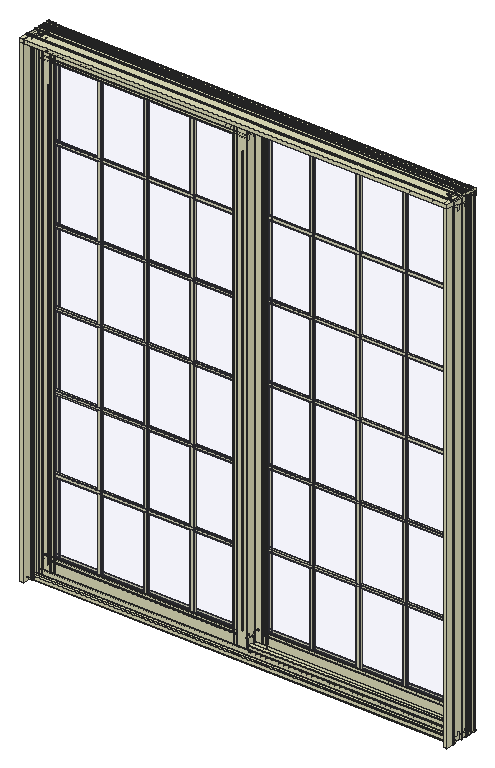
Revit family (continued)
Forms (in)
  Sweep 16, solid, material "Pella-Exterior Clad-Tan" <- "Exterior Finish"
    profile origin (-34.5, 2.95276, 40.75) x (-1, 0, 0) y (0, -1, 0)
      loop
        arc (-1.55158, 2.43853) -> (-1.53113, 2.40565) -> (-1.52399, 2.36759) r 0.105
        line (-1.52399, 2.36759) -> (-1.52399, 2.33522)
        arc (-1.52399, 2.33522) -> (-1.51081, 2.3034) -> (-1.47899, 2.29022) r 0.045
        line (-1.47899, 2.29022) -> (-0.03608, 2.29022)
        arc (-0.03608, 2.29022) -> (-0.00426, 2.3034) -> (0.00892, 2.33522) r 0.045
        line (0.00892, 2.33522) -> (0.00892, 3.39597)
        arc (0.00892, 3.39597) -> (-0.00426, 3.42779) -> (-0.03608, 3.44097) r 0.045
        line (-0.03608, 3.44097) -> (-1.75899, 3.44097)
        arc (-1.75899, 3.44097) -> (-1.79081, 3.42779) -> (-1.80399, 3.39597) r 0.045
        line (-1.80399, 3.39597) -> (-1.80399, 2.52954)
        arc (-1.80399, 2.52954) -> (-1.79217, 2.49914) -> (-1.76291, 2.48471) r 0.045
        line (-1.76291, 2.48471) -> (-1.61984, 2.47219)
        arc (-1.61984, 2.47219) -> (-1.58255, 2.46176) -> (-1.55158, 2.43853) r 0.105
  Sweep 17, solid, material "Pella-Exterior Clad-Tan" <- "Exterior Finish"
    path origin (0, 2.95276, 0) x (1, 0, 0) y (0, 0, 1)
      loop
        line (-34.5, 78.37601) -> (-34.5, 3.09358)
    profile origin (-34.5, 2.95276, 40.7348) x (0, -1, 0) y (1, 0, 0)
      loop
        arc (2.30574, 1.82012) -> (2.32999, 1.79258) -> (2.30876, 1.76264) r 0.02957
        line (2.30876, 1.76264) -> (2.37423, 1.62224)
        arc (2.37423, 1.62224) -> (2.40557, 1.60915) -> (2.42151, 1.63914) r 0.02522
        line (2.42151, 1.63914) -> (2.3693, 1.75108)
        arc (2.3693, 1.75108) -> (2.36836, 1.83256) -> (2.29626, 1.87053) r 0.07961
        line (2.29626, 1.87053) -> (2.29626, 2.37194)
        arc (2.29626, 2.37194) -> (2.31053, 2.39221) -> (2.31418, 2.41673) r 0.05376
        arc (2.31418, 2.41673) -> (2.30836, 2.4308) -> (2.29429, 2.43662) r 0.01989
        arc (2.29429, 2.43662) -> (2.26347, 2.43215) -> (2.24631, 2.40617) r 0.03806
        line (2.24631, 2.40617) -> (2.24631, 1.88933)
        arc (2.24631, 1.88933) -> (2.2632, 1.84372) -> (2.30574, 1.82012) r 0.07001
  Sweep 18, solid, material "Pella-Exterior Clad-Tan" <- "Exterior Finish"
    path origin (0, 2.95276, 0) x (1, 0, 0) y (0, 0, 1)
      loop
        line (-1.53396, 3.09358) -> (-1.53396, 78.37601)
    profile origin (-1.53396, 2.95276, 40.7348) x (-1, 0, 0) y (0, -1, 0)
      loop
        arc (-0.05387, 2.30574) -> (-0.03027, 2.2632) -> (0.01534, 2.24631) r 0.07001
        line (0.01534, 2.24631) -> (0.53218, 2.24631)
        arc (0.53218, 2.24631) -> (0.55816, 2.26347) -> (0.56263, 2.29429) r 0.03806
        arc (0.56263, 2.29429) -> (0.55681, 2.30836) -> (0.54274, 2.31418) r 0.01989
        arc (0.54274, 2.31418) -> (0.51822, 2.31053) -> (0.49794, 2.29626) r 0.05376
        line (0.49794, 2.29626) -> (-0.00346, 2.29626)
        arc (-0.00346, 2.29626) -> (-0.04143, 2.36836) -> (-0.12291, 2.3693) r 0.07961
        line (-0.12291, 2.3693) -> (-0.23485, 2.42151)
        arc (-0.23485, 2.42151) -> (-0.26484, 2.40557) -> (-0.25175, 2.37423) r 0.02522
        line (-0.25175, 2.37423) -> (-0.11135, 2.30876)
        arc (-0.11135, 2.30876) -> (-0.08141, 2.32999) -> (-0.05387, 2.30574) r 0.02957
  Sweep 19, solid, material "Pella-Exterior Clad-Tan" <- "Exterior Finish"
    path origin (0, 2.95276, 0) x (1, 0, 0) y (0, 0, 1)
      loop
        line (0, 1.25) -> (0, 80.25)
    profile origin (0, 2.95276, 40.75) x (-1, 0, 0) y (0, -1, 0)
      loop
        arc (1.55596, 3.46361) -> (1.50779, 3.48769) -> (1.45458, 3.49597) r 0.175
        line (1.45458, 3.49597) -> (-0.30792, 3.49597)
        arc (-0.30792, 3.49597) -> (-0.37611, 3.46532) -> (-0.40404, 3.39597) r 0.10008
        line (-0.40404, 3.39597) -> (-0.40404, 1.93099)
        arc (-0.40404, 1.93099) -> (-0.39818, 1.91685) -> (-0.38404, 1.91099) r 0.02
        line (-0.38404, 1.91099) -> (-0.34404, 1.91099)
        arc (-0.34404, 1.91099) -> (-0.32989, 1.91685) -> (-0.32404, 1.93099) r 0.02
        line (-0.32404, 1.93099) -> (-0.32404, 2.18999)
        arc (-0.32404, 2.18999) -> (-0.26954, 2.24449) -> (-0.21504, 2.18999) r 0.0545
        line (-0.21504, 2.18999) -> (-0.21504, 1.97299)
        arc (-0.21504, 1.97299) -> (-0.19688, 1.92915) -> (-0.15304, 1.91099) r 0.062
        line (-0.15304, 1.91099) -> (0.25096, 1.91099)
        arc (0.25096, 1.91099) -> (0.26511, 1.91685) -> (0.27096, 1.93099) r 0.02
        line (0.27096, 1.93099) -> (0.27096, 1.97099)
        arc (0.27096, 1.97099) -> (0.26511, 1.98513) -> (0.25096, 1.99099) r 0.02
        line (0.25096, 1.99099) -> (-0.07304, 1.99099)
        arc (-0.07304, 1.99099) -> (-0.11688, 2.00915) -> (-0.13504, 2.05299) r 0.062
        line (-0.13504, 2.05299) -> (-0.13504, 2.17299)
        arc (-0.13504, 2.17299) -> (-0.11688, 2.21683) -> (-0.07304, 2.23499) r 0.062
        line (-0.07304, 2.23499) -> (1.43437, 2.23499)
        arc (1.43437, 2.23499) -> (1.46646, 2.24828) -> (1.47976, 2.28038) r 0.04539
        arc (1.47976, 2.28038) -> (1.46119, 2.31044) -> (1.42598, 2.30742) r 0.03372
        line (1.42598, 2.30742) -> (1.27304, 2.33023)
        arc (1.27304, 2.33023) -> (1.23882, 2.37331) -> (1.27304, 2.41639) r 0.04423
        line (1.27304, 2.41639) -> (1.47006, 2.43363)
        arc (1.47006, 2.43363) -> (1.51557, 2.45607) -> (1.53396, 2.50336) r 0.07
        line (1.53396, 2.50336) -> (1.53396, 3.33197)
        arc (1.53396, 3.33197) -> (1.54714, 3.36379) -> (1.57896, 3.37697) r 0.045
        line (1.57896, 3.37697) -> (2.00507, 3.37697)
        arc (2.00507, 3.37697) -> (2.02055, 3.37056) -> (2.02696, 3.35509) r 0.02189
        arc (2.02696, 3.35509) -> (2.03281, 3.34094) -> (2.04696, 3.33509) r 0.02
        line (2.04696, 3.33509) -> (2.08042, 3.33509)
        arc (2.08042, 3.33509) -> (2.09258, 3.34901) -> (2.09696, 3.36697) r 0.03901
        arc (2.09696, 3.36697) -> (2.07353, 3.42354) -> (2.01696, 3.44697) r 0.08
        line (2.01696, 3.44697) -> (1.6081, 3.44697)
        arc (1.6081, 3.44697) -> (1.58073, 3.45123) -> (1.55596, 3.46361) r 0.09
      loop
        arc (1.21154, 2.43853) -> (1.24252, 2.46176) -> (1.27981, 2.47219) r 0.105
        line (1.27981, 2.47219) -> (1.42288, 2.48471)
        arc (1.42288, 2.48471) -> (1.45213, 2.49914) -> (1.46396, 2.52954) r 0.045
        line (1.46396, 2.52954) -> (1.46396, 3.39597)
        arc (1.46396, 3.39597) -> (1.45078, 3.42779) -> (1.41896, 3.44097) r 0.045
        line (1.41896, 3.44097) -> (-0.30395, 3.44097)
        arc (-0.30395, 3.44097) -> (-0.33577, 3.42779) -> (-0.34895, 3.39597) r 0.045
        line (-0.34895, 3.39597) -> (-0.34895, 2.33522)
        arc (-0.34895, 2.33522) -> (-0.33577, 2.3034) -> (-0.30395, 2.29022) r 0.045
        line (-0.30395, 2.29022) -> (1.13896, 2.29022)
        arc (1.13896, 2.29022) -> (1.17078, 2.3034) -> (1.18396, 2.33522) r 0.045
        line (1.18396, 2.33522) -> (1.18396, 2.36759)
        arc (1.18396, 2.36759) -> (1.1911, 2.40565) -> (1.21154, 2.43853) r 0.105
  Sweep 20, solid, material "Pella-Exterior Clad-Tan" <- "Exterior Finish"
    path origin (0, 2.95276, 0) x (1, 0, 0) y (0, 0, 1)
      loop
        line (1.53396, 78.37601) -> (1.53396, 3.09358)
    profile origin (1.53396, 2.95276, 40.7348) x (0, -1, 0) y (1, 0, 0)
      loop
        arc (0.54962, -0.05387) -> (0.57388, -0.08141) -> (0.55265, -0.11135) r 0.02957
        line (0.55265, -0.11135) -> (0.61811, -0.25175)
        arc (0.61811, -0.25175) -> (0.64946, -0.26484) -> (0.6654, -0.23485) r 0.02522
        line (0.6654, -0.23485) -> (0.61319, -0.12291)
        arc (0.61319, -0.12291) -> (0.61224, -0.04143) -> (0.54015, -0.00346) r 0.07961
        line (0.54015, -0.00346) -> (0.54015, 0.49794)
        arc (0.54015, 0.49794) -> (0.55441, 0.51822) -> (0.55807, 0.54274) r 0.05376
        arc (0.55807, 0.54274) -> (0.55224, 0.55681) -> (0.53818, 0.56263) r 0.01989
        arc (0.53818, 0.56263) -> (0.50736, 0.55816) -> (0.49019, 0.53218) r 0.03806
        line (0.49019, 0.53218) -> (0.49019, 0.01534)
        arc (0.49019, 0.01534) -> (0.50709, -0.03027) -> (0.54962, -0.05387) r 0.07001
  Extrusion 21, solid, material "Pella-Argon Filled, Low-E Insulating Glass" <- "Glazing Type"
    sketch origin (0, 0.63857, 0) x (-1, 0, 0) y (0, 0, 1)
      loop
        line (1.6127, 3.17232) -> (32.54727, 3.17232) -> (32.54727, 78.29727) -> (1.6127, 78.29727) -> (1.6127, 3.17232)
    from 0 to -0.11811
  Extrusion 22, solid, material "Pella-Argon Filled, Low-E Insulating Glass" <- "Glazing Type"
    sketch origin (0, -0.25721, 0) x (-1, 0, 0) y (0, 0, 1)
      loop
        line (1.6127, 78.29727) -> (1.6127, 3.17232) -> (32.54727, 3.17232) -> (32.54727, 78.29727) -> (1.6127, 78.29727)
    from 0 to -0.11811
  Sweep 23, solid, material "Pella-Exterior Clad-Tan" <- "Exterior Finish"
    path origin (0, 0.63857, 0) x (-1, 0, 0) y (0, 0, 1)
      loop
        line (-0.42644, 1.25) -> (34.5, 1.25)
    profile origin (-17.03678, 0.63857, 1.25) x (0, 0, 1) y (0, 1, 0)
      loop
        arc (1.86558, -1.14243) -> (1.89036, -1.13004) -> (1.91772, -1.12578) r 0.09
        line (1.91772, -1.12578) -> (2.32658, -1.12578)
        arc (2.32658, -1.12578) -> (2.38315, -1.10235) -> (2.40658, -1.04578) r 0.08
        arc (2.40658, -1.04578) -> (2.4022, -1.02782) -> (2.39005, -1.0139) r 0.03901
        line (2.39005, -1.0139) -> (2.35658, -1.0139)
        arc (2.35658, -1.0139) -> (2.34244, -1.01976) -> (2.33658, -1.0339) r 0.02
        arc (2.33658, -1.0339) -> (2.33017, -1.04937) -> (2.3147, -1.05578) r 0.02189
        line (2.3147, -1.05578) -> (1.88858, -1.05578)
        arc (1.88858, -1.05578) -> (1.85676, -1.0426) -> (1.84358, -1.01078) r 0.045
        line (1.84358, -1.01078) -> (1.84358, -0.18217)
        arc (1.84358, -0.18217) -> (1.82519, -0.13488) -> (1.77968, -0.11244) r 0.07
        line (1.77968, -0.11244) -> (1.58267, -0.0952)
        arc (1.58267, -0.0952) -> (1.54844, -0.05212) -> (1.58267, -0.00904) r 0.04423
        line (1.58267, -0.00904) -> (1.73561, 0.01377)
        arc (1.73561, 0.01377) -> (1.77082, 0.01075) -> (1.78938, 0.04081) r 0.03372
        arc (1.78938, 0.04081) -> (1.77609, 0.07291) -> (1.74399, 0.0862) r 0.04539
        line (1.74399, 0.0862) -> (0.00572, 0.0862)
        arc (0.00572, 0.0862) -> (-0.06508, 0.05687) -> (-0.09441, -0.01392) r 0.10012
        line (-0.09441, -0.01392) -> (-0.09441, -1.07478)
        arc (-0.09441, -1.07478) -> (-0.06648, -1.14413) -> (0.0017, -1.17478) r 0.10008
        line (0.0017, -1.17478) -> (1.7642, -1.17478)
        arc (1.7642, -1.17478) -> (1.81741, -1.1665) -> (1.86558, -1.14243) r 0.175
      loop
        arc (1.52117, -0.11734) -> (1.50072, -0.08446) -> (1.49358, -0.0464) r 0.105
        line (1.49358, -0.0464) -> (1.49358, -0.01403)
        arc (1.49358, -0.01403) -> (1.4804, 0.01779) -> (1.44858, 0.03097) r 0.045
        line (1.44858, 0.03097) -> (0.00567, 0.03097)
        arc (0.00567, 0.03097) -> (-0.02615, 0.01779) -> (-0.03933, -0.01403) r 0.045
        line (-0.03933, -0.01403) -> (-0.03933, -1.07478)
        arc (-0.03933, -1.07478) -> (-0.02615, -1.1066) -> (0.00567, -1.11978) r 0.045
        line (0.00567, -1.11978) -> (1.72858, -1.11978)
        arc (1.72858, -1.11978) -> (1.7604, -1.1066) -> (1.77358, -1.07478) r 0.045
        line (1.77358, -1.07478) -> (1.77358, -0.20835)
        arc (1.77358, -0.20835) -> (1.76176, -0.17795) -> (1.7325, -0.16352) r 0.045
        line (1.7325, -0.16352) -> (1.58943, -0.151)
        arc (1.58943, -0.151) -> (1.55214, -0.14057) -> (1.52117, -0.11734) r 0.105
  Sweep 24, solid, material "Pella-Exterior Clad-Tan" <- "Exterior Finish"
    path origin (0, 0.63857, 0) x (-1, 0, 0) y (0, 0, 1)
      loop
        line (-0.42644, 1.25) -> (34.5, 1.25)
    profile origin (-17.03678, 0.63857, 1.25) x (0, 0, 1) y (0, 1, 0)
      loop
        arc (1.78971, 0.00845) -> (1.76217, -0.01581) -> (1.73223, 0.00542) r 0.02957
        line (1.73223, 0.00542) -> (1.59183, -0.06005)
        arc (1.59183, -0.06005) -> (1.57874, -0.09139) -> (1.60873, -0.10733) r 0.02522
        line (1.60873, -0.10733) -> (1.72067, -0.05512)
        arc (1.72067, -0.05512) -> (1.80215, -0.05418) -> (1.84012, 0.01792) r 0.07961
        line (1.84012, 0.01792) -> (2.34153, 0.01792)
        arc (2.34153, 0.01792) -> (2.3618, 0.00365) -> (2.38632, 0) r 0.05376
        arc (2.38632, 0) -> (2.40039, 0.00583) -> (2.40621, 0.01989) r 0.01989
        arc (2.40621, 0.01989) -> (2.40174, 0.05071) -> (2.37576, 0.06787) r 0.03806
        line (2.37576, 0.06787) -> (1.85892, 0.06787)
        arc (1.85892, 0.06787) -> (1.81331, 0.05098) -> (1.78971, 0.00845) r 0.07001
  Sweep 25, solid, material "Pella-Exterior Clad-Tan" <- "Exterior Finish"
    path origin (0, 0.63857, 0) x (-1, 0, 0) y (0, 0, 1)
      loop
        line (-0.42644, 80.25) -> (34.5, 80.25)
    profile origin (-17.03678, 0.63857, 80.25) x (0, 0, 1) y (0, 1, 0)
      loop
        arc (-1.82012, 0.00845) -> (-1.84372, 0.05098) -> (-1.88933, 0.06787) r 0.07001
        line (-1.88933, 0.06787) -> (-2.40617, 0.06787)
        arc (-2.40617, 0.06787) -> (-2.43215, 0.05071) -> (-2.43662, 0.01989) r 0.03806
        arc (-2.43662, 0.01989) -> (-2.4308, 0.00583) -> (-2.41673, 0) r 0.01989
        arc (-2.41673, 0) -> (-2.39221, 0.00365) -> (-2.37194, 0.01792) r 0.05376
        line (-2.37194, 0.01792) -> (-1.87053, 0.01792)
        arc (-1.87053, 0.01792) -> (-1.83256, -0.05418) -> (-1.75108, -0.05512) r 0.07961
        line (-1.75108, -0.05512) -> (-1.63914, -0.10733)
        arc (-1.63914, -0.10733) -> (-1.60915, -0.09139) -> (-1.62224, -0.06005) r 0.02522
        line (-1.62224, -0.06005) -> (-1.76264, 0.00542)
        arc (-1.76264, 0.00542) -> (-1.79258, -0.01581) -> (-1.82012, 0.00845) r 0.02957
  Sweep 26, solid, material "Pella-Exterior Clad-Tan" <- "Grille Finish", visible <- "Vertical Mullion 3"
    path origin (0, 2.39469, 0) x (0, 0, -1) y (1, 0, 0)
      loop
        line (-3.09358, 17.07998) -> (-78.37601, 17.07998)
    profile origin (17.07998, 2.39469, 40.7348) x (-1, 0, 0) y (0, -1, 0)
      loop
        line (-0.375, 0.57585) -> (-0.375, 0.43805) -> (-0.21555, 0.42123) -> (-0.19685, 0.38884) -> (0.19685, 0.38884) -> (0.21555, 0.42123) -> (0.375, 0.43805) -> (0.375, 0.57585) -> (0.21555, 0.59267) -> (0.19685, 0.62506) -> (-0.19685, 0.62506) -> (-0.21555, 0.59267) -> (-0.375, 0.57585)
      loop
        line (7.39801, 0.57585) -> (7.39801, 0.43805) -> (7.55746, 0.42123) -> (7.57616, 0.38884) -> (7.96986, 0.38884) -> (7.98856, 0.42123) -> (8.14801, 0.43805) -> (8.14801, 0.57585) -> (7.98856, 0.59267) -> (7.96986, 0.62506) -> (7.57616, 0.62506) -> (7.55746, 0.59267) -> (7.39801, 0.57585)
      loop
        line (-8.14801, 0.57585) -> (-8.14801, 0.43805) -> (-7.98856, 0.42123) -> (-7.96986, 0.38884) -> (-7.57616, 0.38884) -> (-7.55746, 0.42123) -> (-7.39801, 0.43805) -> (-7.39801, 0.57585) -> (-7.55746, 0.59267) -> (-7.57616, 0.62506) -> (-7.96986, 0.62506) -> (-7.98856, 0.59267) -> (-8.14801, 0.57585)
  Sweep 27, solid, material "Pella-Exterior Clad-Tan" <- "Grille Finish", visible <- "Vertical Mullion 3"
    path origin (0, 0.63857, 0) x (-1, 0, 0) y (0, 0, 1)
      loop
        line (17.07998, 3.09358) -> (17.07998, 78.37601)
    profile origin (-17.07998, 0.63857, 40.7348) x (1, 0, 0) y (0, 1, 0)
      loop
        line (-0.375, -0.57585) -> (-0.21555, -0.59267) -> (-0.19685, -0.62506) -> (0.19685, -0.62506) -> (0.21555, -0.59267) -> (0.375, -0.57585) -> (0.375, -0.43805) -> (0.21555, -0.42123) -> (0.19685, -0.38884) -> (-0.19685, -0.38884) -> (-0.21555, -0.42123) -> (-0.375, -0.43805) -> (-0.375, -0.57585)
      loop
        line (-7.39801, -0.57585) -> (-7.39801, -0.43805) -> (-7.55746, -0.42123) -> (-7.57616, -0.38884) -> (-7.96986, -0.38884) -> (-7.98856, -0.42123) -> (-8.14801, -0.43805) -> (-8.14801, -0.57585) -> (-7.98856, -0.59267) -> (-7.96986, -0.62506) -> (-7.57616, -0.62506) -> (-7.55746, -0.59267) -> (-7.39801, -0.57585)
      loop
        line (8.14801, -0.57585) -> (8.14801, -0.43805) -> (7.98856, -0.42123) -> (7.96986, -0.38884) -> (7.57616, -0.38884) -> (7.55746, -0.42123) -> (7.39801, -0.43805) -> (7.39801, -0.57585) -> (7.55746, -0.59267) -> (7.57616, -0.62506) -> (7.96986, -0.62506) -> (7.98856, -0.59267) -> (8.14801, -0.57585)
  Sweep 28, solid, material "Pella-Exterior Clad-Tan" <- "Grille Finish", visible <- "Vertical Mullion 2"
    path origin (0, 2.39469, 0) x (0, 0, -1) y (1, 0, 0)
      loop
        line (-3.09358, 17.07998) -> (-78.37601, 17.07998)
    profile origin (17.07998, 2.39469, 40.7348) x (-1, 0, 0) y (0, -1, 0)
      loop
        line (5.55701, 0.57585) -> (5.39756, 0.59267) -> (5.37886, 0.62506) -> (4.98516, 0.62506) -> (4.96646, 0.59267) -> (4.80701, 0.57585) -> (4.80701, 0.43805) -> (4.96646, 0.42123) -> (4.98516, 0.38884) -> (5.37886, 0.38884) -> (5.39756, 0.42123) -> (5.55701, 0.43805) -> (5.55701, 0.57585)
      loop
        line (-4.80701, 0.57585) -> (-4.96646, 0.59267) -> (-4.98516, 0.62506) -> (-5.37886, 0.62506) -> (-5.39756, 0.59267) -> (-5.55701, 0.57585) -> (-5.55701, 0.43805) -> (-5.39756, 0.42123) -> (-5.37886, 0.38884) -> (-4.98516, 0.38884) -> (-4.96646, 0.42123) -> (-4.80701, 0.43805) -> (-4.80701, 0.57585)
  Sweep 29, solid, material "Pella-Exterior Clad-Tan" <- "Grille Finish", visible <- "Vertical Mullion 2"
    path origin (0, -0.25721, 0) x (-1, 0, 0) y (0, 0, 1)
      loop
        line (17.07998, 78.37601) -> (17.07998, 3.09358)
    profile origin (-17.07998, -0.25721, 40.7348) x (0, 1, 0) y (-1, 0, 0)
      loop
        line (0.31994, 5.55701) -> (0.30312, 5.39756) -> (0.27073, 5.37886) -> (0.27073, 4.98516) -> (0.30312, 4.96646) -> (0.31994, 4.80701) -> (0.45774, 4.80701) -> (0.47456, 4.96646) -> (0.50695, 4.98516) -> (0.50695, 5.37886) -> (0.47456, 5.39756) -> (0.45774, 5.55701) -> (0.31994, 5.55701)
      loop
        line (0.31994, -4.80701) -> (0.30312, -4.96646) -> (0.27073, -4.98516) -> (0.27073, -5.37886) -> (0.30312, -5.39756) -> (0.31994, -5.55701) -> (0.45774, -5.55701) -> (0.47456, -5.39756) -> (0.50695, -5.37886) -> (0.50695, -4.98516) -> (0.47456, -4.96646) -> (0.45774, -4.80701) -> (0.31994, -4.80701)
  Sweep 30, solid, material "Pella-Exterior Clad-Tan" <- "Grille Finish", visible <- "Horizontal Mullion 5"
    path origin (0, 2.39469, 0) x (0, 0, -1) y (1, 0, 0)
      loop
        line (-40.7348, 32.62601) -> (-40.7348, 1.53396)
    profile origin (17.07998, 2.39469, 40.7348) x (0, 0, -1) y (0, -1, 0)
      loop
        line (-25.29108, 0.43805) -> (-25.13163, 0.42123) -> (-25.11293, 0.38884) -> (-24.71923, 0.38884) -> (-24.70053, 0.42123) -> (-24.54108, 0.43805) -> (-24.54108, 0.57585) -> (-24.70053, 0.59267) -> (-24.71923, 0.62506) -> (-25.11293, 0.62506) -> (-25.13163, 0.59267) -> (-25.29108, 0.57585) -> (-25.29108, 0.43805)
      loop
        line (-0.375, 0.43805) -> (-0.21555, 0.42123) -> (-0.19685, 0.38884) -> (0.19685, 0.38884) -> (0.21555, 0.42123) -> (0.375, 0.43805) -> (0.375, 0.57585) -> (0.21555, 0.59267) -> (0.19685, 0.62506) -> (-0.19685, 0.62506) -> (-0.21555, 0.59267) -> (-0.375, 0.57585) -> (-0.375, 0.43805)
      loop
        line (24.54108, 0.43805) -> (24.70053, 0.42123) -> (24.71923, 0.38884) -> (25.11293, 0.38884) -> (25.13163, 0.42123) -> (25.29108, 0.43805) -> (25.29108, 0.57585) -> (25.13163, 0.59267) -> (25.11293, 0.62506) -> (24.71923, 0.62506) -> (24.70053, 0.59267) -> (24.54108, 0.57585) -> (24.54108, 0.43805)
      loop
        line (12.08304, 0.43805) -> (12.24249, 0.42123) -> (12.26119, 0.38884) -> (12.65489, 0.38884) -> (12.67359, 0.42123) -> (12.83304, 0.43805) -> (12.83304, 0.57585) -> (12.67359, 0.59267) -> (12.65489, 0.62506) -> (12.26119, 0.62506) -> (12.24249, 0.59267) -> (12.08304, 0.57585) -> (12.08304, 0.43805)
      loop
        line (-12.83304, 0.43805) -> (-12.67359, 0.42123) -> (-12.65489, 0.38884) -> (-12.26119, 0.38884) -> (-12.24249, 0.42123) -> (-12.08304, 0.43805) -> (-12.08304, 0.57585) -> (-12.24249, 0.59267) -> (-12.26119, 0.62506) -> (-12.65489, 0.62506) -> (-12.67359, 0.59267) -> (-12.83304, 0.57585) -> (-12.83304, 0.43805)
  Sweep 31, solid, material "Pella-Exterior Clad-Tan" <- "Grille Finish", visible <- "Horizontal Mullion 5"
    path origin (0, 0.63857, 0) x (-1, 0, 0) y (0, 0, 1)
      loop
        line (1.53396, 40.7348) -> (32.62601, 40.7348)
    profile origin (-17.07998, 0.63857, 40.7348) x (0, 0, 1) y (0, 1, 0)
      loop
        line (-24.54108, -0.43805) -> (-24.70053, -0.42123) -> (-24.71923, -0.38884) -> (-25.11293, -0.38884) -> (-25.13163, -0.42123) -> (-25.29108, -0.43805) -> (-25.29108, -0.57585) -> (-25.13163, -0.59267) -> (-25.11293, -0.62506) -> (-24.71923, -0.62506) -> (-24.70053, -0.59267) -> (-24.54108, -0.57585) -> (-24.54108, -0.43805)
      loop
        line (0.375, -0.43805) -> (0.21555, -0.42123) -> (0.19685, -0.38884) -> (-0.19685, -0.38884) -> (-0.21555, -0.42123) -> (-0.375, -0.43805) -> (-0.375, -0.57585) -> (-0.21555, -0.59267) -> (-0.19685, -0.62506) -> (0.19685, -0.62506) -> (0.21555, -0.59267) -> (0.375, -0.57585) -> (0.375, -0.43805)
      loop
        line (25.29108, -0.43805) -> (25.13163, -0.42123) -> (25.11293, -0.38884) -> (24.71923, -0.38884) -> (24.70053, -0.42123) -> (24.54108, -0.43805) -> (24.54108, -0.57585) -> (24.70053, -0.59267) -> (24.71923, -0.62506) -> (25.11293, -0.62506) -> (25.13163, -0.59267) -> (25.29108, -0.57585) -> (25.29108, -0.43805)
      loop
        line (-12.08304, -0.43805) -> (-12.24249, -0.42123) -> (-12.26119, -0.38884) -> (-12.65489, -0.38884) -> (-12.67359, -0.42123) -> (-12.83304, -0.43805) -> (-12.83304, -0.57585) -> (-12.67359, -0.59267) -> (-12.65489, -0.62506) -> (-12.26119, -0.62506) -> (-12.24249, -0.59267) -> (-12.08304, -0.57585) -> (-12.08304, -0.43805)
      loop
        line (12.83304, -0.43805) -> (12.67359, -0.42123) -> (12.65489, -0.38884) -> (12.26119, -0.38884) -> (12.24249, -0.42123) -> (12.08304, -0.43805) -> (12.08304, -0.57585) -> (12.24249, -0.59267) -> (12.26119, -0.62506) -> (12.65489, -0.62506) -> (12.67359, -0.59267) -> (12.83304, -0.57585) -> (12.83304, -0.43805)
  Sweep 32, solid, material "Pella-Exterior Clad-Tan" <- "Grille Finish", visible <- "Horizontal Mullion 6"
    path origin (0, 2.39469, 0) x (0, 0, -1) y (1, 0, 0)
      loop
        line (-40.7348, 32.62601) -> (-40.7348, 1.53396)
    profile origin (17.07998, 2.39469, 40.7348) x (0, 0, -1) y (0, -1, 0)
      loop
        line (26.3208, 0.43805) -> (26.48025, 0.42123) -> (26.49895, 0.38884) -> (26.89265, 0.38884) -> (26.91135, 0.42123) -> (27.0708, 0.43805) -> (27.0708, 0.57585) -> (26.91135, 0.59267) -> (26.89265, 0.62506) -> (26.49895, 0.62506) -> (26.48025, 0.59267) -> (26.3208, 0.57585) -> (26.3208, 0.43805)
      loop
        line (4.96416, 0.43805) -> (5.12361, 0.42123) -> (5.14231, 0.38884) -> (5.53601, 0.38884) -> (5.55471, 0.42123) -> (5.71416, 0.43805) -> (5.71416, 0.57585) -> (5.55471, 0.59267) -> (5.53601, 0.62506) -> (5.14231, 0.62506) -> (5.12361, 0.59267) -> (4.96416, 0.57585) -> (4.96416, 0.43805)
      loop
        line (-5.71416, 0.43805) -> (-5.55471, 0.42123) -> (-5.53601, 0.38884) -> (-5.14231, 0.38884) -> (-5.12361, 0.42123) -> (-4.96416, 0.43805) -> (-4.96416, 0.57585) -> (-5.12361, 0.59267) -> (-5.14231, 0.62506) -> (-5.53601, 0.62506) -> (-5.55471, 0.59267) -> (-5.71416, 0.57585) -> (-5.71416, 0.43805)
      loop
        line (-27.0708, 0.43805) -> (-26.91135, 0.42123) -> (-26.89265, 0.38884) -> (-26.49895, 0.38884) -> (-26.48025, 0.42123) -> (-26.3208, 0.43805) -> (-26.3208, 0.57585) -> (-26.48025, 0.59267) -> (-26.49895, 0.62506) -> (-26.89265, 0.62506) -> (-26.91135, 0.59267) -> (-27.0708, 0.57585) -> (-27.0708, 0.43805)
      loop
        line (15.64248, 0.43805) -> (15.80193, 0.42123) -> (15.82063, 0.38884) -> (16.21433, 0.38884) -> (16.23303, 0.42123) -> (16.39248, 0.43805) -> (16.39248, 0.57585) -> (16.23303, 0.59267) -> (16.21433, 0.62506) -> (15.82063, 0.62506) -> (15.80193, 0.59267) -> (15.64248, 0.57585) -> (15.64248, 0.43805)
      loop
        line (-16.39248, 0.43805) -> (-16.23303, 0.42123) -> (-16.21433, 0.38884) -> (-15.82063, 0.38884) -> (-15.80193, 0.42123) -> (-15.64248, 0.43805) -> (-15.64248, 0.57585) -> (-15.80193, 0.59267) -> (-15.82063, 0.62506) -> (-16.21433, 0.62506) -> (-16.23303, 0.59267) -> (-16.39248, 0.57585) -> (-16.39248, 0.43805)
  Sweep 33, solid, material "Pella-Exterior Clad-Tan" <- "Grille Finish", visible <- "Horizontal Mullion 6"
    path origin (0, 0.63857, 0) x (-1, 0, 0) y (0, 0, 1)
      loop
        line (1.53396, 40.7348) -> (32.62601, 40.7348)
    profile origin (-17.07998, 0.63857, 40.7348) x (0, 0, 1) y (0, 1, 0)
      loop
        line (-26.3208, -0.43805) -> (-26.48025, -0.42123) -> (-26.49895, -0.38884) -> (-26.89265, -0.38884) -> (-26.91135, -0.42123) -> (-27.0708, -0.43805) -> (-27.0708, -0.57585) -> (-26.91135, -0.59267) -> (-26.89265, -0.62506) -> (-26.49895, -0.62506) -> (-26.48025, -0.59267) -> (-26.3208, -0.57585) -> (-26.3208, -0.43805)
      loop
        line (-4.96416, -0.43805) -> (-5.12361, -0.42123) -> (-5.14231, -0.38884) -> (-5.53601, -0.38884) -> (-5.55471, -0.42123) -> (-5.71416, -0.43805) -> (-5.71416, -0.57585) -> (-5.55471, -0.59267) -> (-5.53601, -0.62506) -> (-5.14231, -0.62506) -> (-5.12361, -0.59267) -> (-4.96416, -0.57585) -> (-4.96416, -0.43805)
      loop
        line (5.71416, -0.43805) -> (5.55471, -0.42123) -> (5.53601, -0.38884) -> (5.14231, -0.38884) -> (5.12361, -0.42123) -> (4.96416, -0.43805) -> (4.96416, -0.57585) -> (5.12361, -0.59267) -> (5.14231, -0.62506) -> (5.53601, -0.62506) -> (5.55471, -0.59267) -> (5.71416, -0.57585) -> (5.71416, -0.43805)
      loop
        line (27.0708, -0.43805) -> (26.91135, -0.42123) -> (26.89265, -0.38884) -> (26.49895, -0.38884) -> (26.48025, -0.42123) -> (26.3208, -0.43805) -> (26.3208, -0.57585) -> (26.48025, -0.59267) -> (26.49895, -0.62506) -> (26.89265, -0.62506) -> (26.91135, -0.59267) -> (27.0708, -0.57585) -> (27.0708, -0.43805)
      loop
        line (-15.64248, -0.43805) -> (-15.80193, -0.42123) -> (-15.82063, -0.38884) -> (-16.21433, -0.38884) -> (-16.23303, -0.42123) -> (-16.39248, -0.43805) -> (-16.39248, -0.57585) -> (-16.23303, -0.59267) -> (-16.21433, -0.62506) -> (-15.82063, -0.62506) -> (-15.80193, -0.59267) -> (-15.64248, -0.57585) -> (-15.64248, -0.43805)
      loop
        line (16.39248, -0.43805) -> (16.23303, -0.42123) -> (16.21433, -0.38884) -> (15.82063, -0.38884) -> (15.80193, -0.42123) -> (15.64248, -0.43805) -> (15.64248, -0.57585) -> (15.80193, -0.59267) -> (15.82063, -0.62506) -> (16.21433, -0.62506) -> (16.23303, -0.59267) -> (16.39248, -0.57585) -> (16.39248, -0.43805)
  Sweep 34, solid, material "Pella-Exterior Clad-Tan" <- "Grille Finish", visible <- "Prairie Grille"
    path origin (0, 2.39469, 0) x (0, 0, -1) y (1, 0, 0)
      loop
        line (-3.09358, 17.07998) -> (-78.37601, 17.07998)
    profile origin (17.07998, 2.39469, 40.7348) x (-1, 0, 0) y (0, -1, 0)
      loop
        line (-12.50433, 0.57585) -> (-12.50433, 0.43805) -> (-12.34488, 0.42123) -> (-12.32618, 0.38884) -> (-11.93248, 0.38884) -> (-11.91378, 0.42123) -> (-11.75433, 0.43805) -> (-11.75433, 0.57585) -> (-11.91378, 0.59267) -> (-11.93248, 0.62506) -> (-12.32618, 0.62506) -> (-12.34488, 0.59267) -> (-12.50433, 0.57585)
      loop
        line (13.40876, 0.57585) -> (13.24931, 0.59267) -> (13.23061, 0.62506) -> (12.83691, 0.62506) -> (12.81821, 0.59267) -> (12.65876, 0.57585) -> (12.65876, 0.43805) -> (12.81821, 0.42123) -> (12.83691, 0.38884) -> (13.23061, 0.38884) -> (13.24931, 0.42123) -> (13.40876, 0.43805) -> (13.40876, 0.57585)
  Sweep 35, solid, material "Pella-Exterior Clad-Tan" <- "Grille Finish", visible <- "Prairie Grille"
    path origin (0, 0.63857, 0) x (-1, 0, 0) y (0, 0, 1)
      loop
        line (17.07998, 78.37601) -> (17.07998, 3.09358)
    profile origin (-17.07998, 0.63857, 40.7348) x (0, 1, 0) y (-1, 0, 0)
      loop
        line (-0.57585, 12.50433) -> (-0.59267, 12.34488) -> (-0.62506, 12.32618) -> (-0.62506, 11.93248) -> (-0.59267, 11.91378) -> (-0.57585, 11.75433) -> (-0.43805, 11.75433) -> (-0.42123, 11.91378) -> (-0.38884, 11.93248) -> (-0.38884, 12.32618) -> (-0.42123, 12.34488) -> (-0.43805, 12.50433) -> (-0.57585, 12.50433)
      loop
        line (-0.57585, -13.40876) -> (-0.43805, -13.40876) -> (-0.42123, -13.24931) -> (-0.38884, -13.23061) -> (-0.38884, -12.83691) -> (-0.42123, -12.81821) -> (-0.43805, -12.65876) -> (-0.57585, -12.65876) -> (-0.59267, -12.81821) -> (-0.62506, -12.83691) -> (-0.62506, -13.23061) -> (-0.59267, -13.24931) -> (-0.57585, -13.40876)
  Sweep 36, solid, material "Pella-Exterior Clad-Tan" <- "Grille Finish", visible <- "Prairie Grille"
    path origin (0, 2.39469, 0) x (0, 0, -1) y (1, 0, 0)
      loop
        line (-40.7348, 32.62601) -> (-40.7348, 1.53396)
    profile origin (17.07998, 2.39469, 40.7348) x (0, 0, -1) y (0, -1, 0)
      loop
        line (33.72291, 0.43805) -> (33.88235, 0.42123) -> (33.90106, 0.38884) -> (34.29476, 0.38884) -> (34.31346, 0.42123) -> (34.47291, 0.43805) -> (34.47291, 0.57585) -> (34.31346, 0.59267) -> (34.29476, 0.62506) -> (33.90106, 0.62506) -> (33.88235, 0.59267) -> (33.72291, 0.57585) -> (33.72291, 0.43805)
      loop
        line (-33.72291, 0.43805) -> (-33.72291, 0.57585) -> (-33.88235, 0.59267) -> (-33.90106, 0.62506) -> (-34.29476, 0.62506) -> (-34.31346, 0.59267) -> (-34.47291, 0.57585) -> (-34.47291, 0.43805) -> (-34.31346, 0.42123) -> (-34.29476, 0.38884) -> (-33.90106, 0.38884) -> (-33.88235, 0.42123) -> (-33.72291, 0.43805)
  Sweep 37, solid, material "Pella-Exterior Clad-Tan" <- "Grille Finish", visible <- "Prairie Grille"
    path origin (0, 0.63857, 0) x (-1, 0, 0) y (0, 0, 1)
      loop
        line (1.53396, 40.7348) -> (32.62601, 40.7348)
    profile origin (-17.07998, 0.63857, 40.7348) x (0, 0, 1) y (0, 1, 0)
      loop
        line (-33.72291, -0.43805) -> (-33.88235, -0.42123) -> (-33.90106, -0.38884) -> (-34.29476, -0.38884) -> (-34.31346, -0.42123) -> (-34.47291, -0.43805) -> (-34.47291, -0.57585) -> (-34.31346, -0.59267) -> (-34.29476, -0.62506) -> (-33.90106, -0.62506) -> (-33.88235, -0.59267) -> (-33.72291, -0.57585) -> (-33.72291, -0.43805)
      loop
        line (33.72291, -0.43805) -> (33.72291, -0.57585) -> (33.88235, -0.59267) -> (33.90106, -0.62506) -> (34.29476, -0.62506) -> (34.31346, -0.59267) -> (34.47291, -0.57585) -> (34.47291, -0.43805) -> (34.31346, -0.42123) -> (34.29476, -0.38884) -> (33.90106, -0.38884) -> (33.88235, -0.42123) -> (33.72291, -0.43805)
  Sweep 38, solid, material "Pella-Exterior Clad-Tan" <- "Exterior Finish"
    path origin (0, 2.95276, 0) x (1, 0, 0) y (0, 0, 1)
      loop
        line (34.5, 80.25) -> (-0.42645, 80.25)
    profile origin (17.03678, 2.95276, 80.25) x (0, 0, -1) y (0, -1, 0)
      loop
        arc (1.89599, 1.7075) -> (1.84782, 1.73157) -> (1.79461, 1.73986) r 0.175
        line (1.79461, 1.73986) -> (0.03211, 1.73986)
        arc (0.03211, 1.73986) -> (-0.03607, 1.70921) -> (-0.064, 1.63986) r 0.10008
        line (-0.064, 1.63986) -> (-0.064, 0.579)
        arc (-0.064, 0.579) -> (-0.03467, 0.5082) -> (0.03612, 0.47887) r 0.10012
        line (0.03612, 0.47887) -> (1.7744, 0.47887)
        arc (1.7744, 0.47887) -> (1.8065, 0.49217) -> (1.81979, 0.52426) r 0.04539
        arc (1.81979, 0.52426) -> (1.80122, 0.55432) -> (1.76602, 0.55131) r 0.03372
        line (1.76602, 0.55131) -> (1.61308, 0.57411)
        arc (1.61308, 0.57411) -> (1.57885, 0.6172) -> (1.61308, 0.66028) r 0.04423
        line (1.61308, 0.66028) -> (1.81009, 0.67751)
        arc (1.81009, 0.67751) -> (1.8556, 0.69995) -> (1.87399, 0.74725) r 0.07
        line (1.87399, 0.74725) -> (1.87399, 1.57586)
        arc (1.87399, 1.57586) -> (1.88717, 1.60768) -> (1.91899, 1.62086) r 0.045
        line (1.91899, 1.62086) -> (2.34511, 1.62086)
        arc (2.34511, 1.62086) -> (2.36058, 1.61445) -> (2.36699, 1.59897) r 0.02189
        arc (2.36699, 1.59897) -> (2.37285, 1.58483) -> (2.38699, 1.57897) r 0.02
        line (2.38699, 1.57897) -> (2.42046, 1.57897)
        arc (2.42046, 1.57897) -> (2.43261, 1.5929) -> (2.43699, 1.61086) r 0.03901
        arc (2.43699, 1.61086) -> (2.41356, 1.66743) -> (2.35699, 1.69086) r 0.08
        line (2.35699, 1.69086) -> (1.94813, 1.69086)
        arc (1.94813, 1.69086) -> (1.92077, 1.69512) -> (1.89599, 1.7075) r 0.09
      loop
        arc (1.55158, 0.68241) -> (1.58255, 0.70565) -> (1.61984, 0.71608) r 0.105
        line (1.61984, 0.71608) -> (1.76291, 0.72859)
        arc (1.76291, 0.72859) -> (1.79217, 0.74302) -> (1.80399, 0.77342) r 0.045
        line (1.80399, 0.77342) -> (1.80399, 1.63986)
        arc (1.80399, 1.63986) -> (1.79081, 1.67168) -> (1.75899, 1.68486) r 0.045
        line (1.75899, 1.68486) -> (0.03608, 1.68486)
        arc (0.03608, 1.68486) -> (0.00426, 1.67168) -> (-0.00892, 1.63986) r 0.045
        line (-0.00892, 1.63986) -> (-0.00892, 0.5791)
        arc (-0.00892, 0.5791) -> (0.00426, 0.54728) -> (0.03608, 0.5341) r 0.045
        line (0.03608, 0.5341) -> (1.47899, 0.5341)
        arc (1.47899, 0.5341) -> (1.51081, 0.54728) -> (1.52399, 0.5791) r 0.045
        line (1.52399, 0.5791) -> (1.52399, 0.61148)
        arc (1.52399, 0.61148) -> (1.53113, 0.64953) -> (1.55158, 0.68241) r 0.105
  Sweep 39, solid, material "Pella-Exterior Clad-Tan" <- "Exterior Finish"
    path origin (0, 2.95276, 0) x (1, 0, 0) y (0, 0, 1)
      loop
        line (0.42644, 80.25) -> (-34.5, 80.25)
    profile origin (-17.03678, 2.95276, 80.25) x (0, 0, -1) y (0, -1, 0)
      loop
        arc (1.89599, 3.46355) -> (1.84782, 3.48762) -> (1.79461, 3.49591) r 0.175
        line (1.79461, 3.49591) -> (0.03211, 3.49591)
        arc (0.03211, 3.49591) -> (-0.03607, 3.46526) -> (-0.064, 3.39591) r 0.10008
        line (-0.064, 3.39591) -> (-0.064, 2.33505)
        arc (-0.064, 2.33505) -> (-0.03467, 2.26425) -> (0.03612, 2.23493) r 0.10012
        line (0.03612, 2.23493) -> (1.7744, 2.23493)
        arc (1.7744, 2.23493) -> (1.8065, 2.24822) -> (1.81979, 2.28031) r 0.04539
        arc (1.81979, 2.28031) -> (1.80122, 2.31037) -> (1.76602, 2.30736) r 0.03372
        line (1.76602, 2.30736) -> (1.61308, 2.33017)
        arc (1.61308, 2.33017) -> (1.57885, 2.37325) -> (1.61308, 2.41633) r 0.04423
        line (1.61308, 2.41633) -> (1.81009, 2.43356)
        arc (1.81009, 2.43356) -> (1.8556, 2.45601) -> (1.87399, 2.5033) r 0.07
        line (1.87399, 2.5033) -> (1.87399, 3.33191)
        arc (1.87399, 3.33191) -> (1.88717, 3.36373) -> (1.91899, 3.37691) r 0.045
        line (1.91899, 3.37691) -> (2.34511, 3.37691)
        arc (2.34511, 3.37691) -> (2.36058, 3.3705) -> (2.36699, 3.35502) r 0.02189
        arc (2.36699, 3.35502) -> (2.37285, 3.34088) -> (2.38699, 3.33502) r 0.02
        line (2.38699, 3.33502) -> (2.42046, 3.33502)
        arc (2.42046, 3.33502) -> (2.43261, 3.34895) -> (2.43699, 3.36691) r 0.03901
        arc (2.43699, 3.36691) -> (2.41356, 3.42348) -> (2.35699, 3.44691) r 0.08
        line (2.35699, 3.44691) -> (1.94813, 3.44691)
        arc (1.94813, 3.44691) -> (1.92077, 3.45117) -> (1.89599, 3.46355) r 0.09
      loop
        arc (1.55158, 2.43847) -> (1.58255, 2.4617) -> (1.61984, 2.47213) r 0.105
        line (1.61984, 2.47213) -> (1.76291, 2.48465)
        arc (1.76291, 2.48465) -> (1.79217, 2.49907) -> (1.80399, 2.52948) r 0.045
        line (1.80399, 2.52948) -> (1.80399, 3.39591)
        arc (1.80399, 3.39591) -> (1.79081, 3.42773) -> (1.75899, 3.44091) r 0.045
        line (1.75899, 3.44091) -> (0.03608, 3.44091)
        arc (0.03608, 3.44091) -> (0.00426, 3.42773) -> (-0.00892, 3.39591) r 0.045
        line (-0.00892, 3.39591) -> (-0.00892, 2.33515)
        arc (-0.00892, 2.33515) -> (0.00426, 2.30333) -> (0.03608, 2.29015) r 0.045
        line (0.03608, 2.29015) -> (1.47899, 2.29015)
        arc (1.47899, 2.29015) -> (1.51081, 2.30333) -> (1.52399, 2.33515) r 0.045
        line (1.52399, 2.33515) -> (1.52399, 2.36753)
        arc (1.52399, 2.36753) -> (1.53113, 2.40558) -> (1.55158, 2.43847) r 0.105
  Sweep 40, solid, material "Pella-Exterior Clad-Tan" <- "Exterior Finish"
    path origin (0, 2.95276, 0) x (1, 0, 0) y (0, 0, 1)
      loop
        line (1.53396, 80.25) -> (1.53396, 1.25)
    profile origin (1.53396, 2.95276, 40.75) x (0, -1, 0) y (1, 0, 0)
      loop
        line (0.64394, -1.99839) -> (2.01749, -1.99839)
        arc (2.01749, -1.99839) -> (2.10588, -1.96178) -> (2.14249, -1.87339) r 0.125
        line (2.14249, -1.87339) -> (2.14249, -1.48039)
        arc (2.14249, -1.48039) -> (2.11249, -1.45039) -> (2.08249, -1.48039) r 0.03
        line (2.08249, -1.48039) -> (2.08249, -1.87339)
        arc (2.08249, -1.87339) -> (2.06345, -1.91935) -> (2.01749, -1.93839) r 0.065
        line (2.01749, -1.93839) -> (1.82649, -1.93839)
        arc (1.82649, -1.93839) -> (1.81235, -1.93253) -> (1.80649, -1.91839) r 0.02
        line (1.80649, -1.91839) -> (1.80649, -1.64839)
        arc (1.80649, -1.64839) -> (1.77649, -1.61839) -> (1.74649, -1.64839) r 0.03
        line (1.74649, -1.64839) -> (1.74649, -1.91839)
        arc (1.74649, -1.91839) -> (1.74063, -1.93253) -> (1.72649, -1.93843) r 0.02
        line (1.72649, -1.93843) -> (0.64237, -1.93843)
        arc (0.64237, -1.93843) -> (0.61395, -1.96918) -> (0.64394, -1.99839) r 0.03
  Sweep 41, solid, material "Pella-Exterior Clad-Tan" <- "Interior Finish"
    path origin (0, 2.95276, 0) x (1, 0, 0) y (0, 0, 1)
      loop
        line (34.5, 1.25) -> (0.42644, 1.25)
    profile origin (17.46322, 2.95276, 1.25) x (0, 0, -1) y (0, -1, 0)
      loop
        arc (0.22833, 2.01493) -> (0.19045, 2.06954) -> (0.12789, 2.092) r 0.109
        line (0.12789, 2.092) -> (-0.016, 2.09702) -> (-0.016, 2.23316) -> (0.11804, 2.23784) -> (0.18, 2.302) -> (0.18, 3.28598) -> (0.25, 3.28598) -> (0.25, 3.47398) -> (0.188, 3.53598) -> (-0.098, 3.53598) -> (-0.144, 3.48998) -> (-0.709, 3.48998) -> (-0.8125, 3.38648) -> (-0.8125, 2.96873) -> (-0.584, 1.89042) -> (-0.48397, 1.89042) -> (-0.43533, 1.93739) -> (-0.428, 2.14731) -> (-0.328, 2.14731) -> (-0.31985, 1.91401) -> (-0.22283, 1.82031) -> (0.188, 1.82031) -> (0.25, 1.88231) -> (0.25, 1.94404) -> (0.22833, 2.01493)
Lines and regions (in)
  Opening 1
    outline origin (137.79528, -2.95276, 0) x (1, 0, 0) y (0, 0, 1)
      loop
        line (-102.04528, 0) -> (-102.04528, 81.5) -> (-173.54528, 81.5) -> (-173.54528, 0) -> (-102.04528, 0)
  model lines
    curve 1: line (7.38287, 2.95276, 42.7033) -> (7.38287, 2.95276, 38.76629)
    curve 2: line (7.38287, 2.95276, 38.76629) -> (4.43012, 2.95276, 40.7348)
    curve 3: line (4.43012, 2.95276, 40.7348) -> (7.38287, 2.95276, 42.7033)
Text (in)
  text "EXTERIOR" at (-77.29147, 52.45485, 0), in view "Ref. Level"
  text "INTERIOR" at (-78.01048, -32.21994, 0), in view "Ref. Level"
  text "Exterior" at (0, 36.36817, 115.8778), in view "Right"
  text "Exterior" at (0, 40.96394, 105.72475), in view "Left"
Dimensions and locks (in)
  equal spacing: plane 3 "Left", plane 2 "Center (Left/Right)", plane 4 "Right"
  "Width": plane 3 "Left" to plane 4 "Right"
  "Height": plane 5 "Sill" to plane 6 "Head"
  locked: plane 5 "Sill" to level
  locked: plane 7 "Exterior" to host wall at 0
  locked: plane 8 "Interior" to host wall
  "Set Back": plane 10 "Set Back" to plane 9 "Exterior Facade"
  equal spacing: plane 11 "Left Sash", plane 2 "Center (Left/Right)", plane 12 "Right Sash"
  "Sash Width": plane 11 "Left Sash" to plane 12 "Right Sash"
  locked: plane 7 "Exterior" to plane 9 "Exterior Facade" at 1.3125
  locked: plane 19 "Glazing Exterior - Exterior" to plane 20 "Glazing Exterior - Interior" at 0.11811
  locked: plane 22 "Glazing Interior - Interior" to plane 21 "Glazing Interior - Exterior" at 0.11811
  locked: plane 27 to plane 4 "Right" at 0.625
  locked: plane 28 to plane 10 "Set Back" at 4.74998
  locked: plane 3 "Left" to plane 29 at 0.625
  locked: plane 10 "Set Back" to plane 30 at 4.74998
  locked: plane 10 "Set Back" to plane 31 at 4.74998
  locked: plane 32 to plane 6 "Head" at 0.625
  plane 10 "Set Back" to plane 19 "Glazing Exterior - Exterior" to plane 21 "Glazing Interior - Exterior" = 0' - 0.55807" locked, 0' - 1.0139" locked
  plane 24 "2nd Glazing Sill" to plane 18 "Sill-Interior" to plane 40 to plane 5 "Sill" = 0' - 0.30189" locked, 0' - 0.26709" locked, 0' - 3.09358" locked
  plane 3 "Left" to plane 41 to plane 13 "Interior Left" to plane 26 = 0' - 3.12399" locked, 0' - 0.26709" locked, 0' - 0.30189" locked
  plane 25 to plane 14 "Interior Right" to plane 42 to plane 4 "Right" = 0' - 0.30189" locked, 0' - 0.26709" locked, 0' - 3.12399" locked
  plane 45 to plane 43 to plane 2 "Center (Left/Right)" to plane 44 to plane 46 = 0' - 0.26709" locked, 0' - 1.53396" locked, 0' - 1.53396" locked, 0' - 0.26709" locked
  equal spacing: plane 41, plane 130, plane 47, plane 131, plane 43
  equal spacing: plane 44, plane 132, plane 48, plane 133, plane 42
  plane 10 "Set Back" to plane 52 "Glazing Exterior - Exterior2" to plane 49 = 0' - 2.31418" locked, 0' - 1.0139" locked
  locked: plane 52 "Glazing Exterior - Exterior2" to plane 51 at 0.11811
  locked: plane 50 "Glazing Interior - Exterior2" to plane 49 at 0.11811
  locked: plane 54 to plane 44 at 0.07874
  plane 55 to plane 2 "Center (Left/Right)" to plane 56 = 0' - 0.42645" locked, 0' - 0.42644" locked
  locked: plane 60 to plane 39 at 0.07874
  locked: plane 41 to plane 58 at 0.07874
  locked: plane 40 to plane 59 at 0.07874
  locked: plane 40 to plane 63 at 0.07874
  locked: plane 62 to plane 39 at 0.07874
  locked: plane 41 to plane 61 at 0.07874
  locked: plane 43 to plane 57 at 0.07874
  locked: plane 43 to plane 64 at 0.07874
  equal spacing: plane 41, plane 65, plane 66, plane 43
  equal spacing: plane 44, plane 67, plane 68, plane 42
  plane 73 to plane 65 to plane 74 = 0' - 0 3/8" locked, 0' - 0 3/8" locked
  plane 75 to plane 66 to plane 76 = 0' - 0 3/8" locked, 0' - 0 3/8" locked
  plane 72 to plane 67 to plane 71 = 0' - 0 3/8" locked, 0' - 0 3/8" locked
  plane 70 to plane 68 to plane 69 = 0' - 0 3/8" locked, 0' - 0 3/8" locked
  equal spacing: plane 17 "Head-Interior", plane 79, plane 140, plane 78, plane 141, plane 77, plane 18 "Sill-Interior"
  plane 81 to plane 77 to plane 80 = 0' - 0 3/8" locked, 0' - 0 3/8" locked
  plane 82 to plane 78 to plane 83 = 0' - 0 3/8" locked, 0' - 0 3/8" locked
  plane 84 to plane 79 to plane 85 = 0' - 0 3/8" locked, 0' - 0 3/8" locked
  plane 89 to plane 78 to plane 88 = 0' - 0 3/8" locked, 0' - 0 3/8" locked
  plane 87 to plane 77 to plane 86 = 0' - 0 3/8" locked, 0' - 0 3/8" locked
  plane 91 to plane 79 to plane 90 = 0' - 0 3/8" locked, 0' - 0 3/8" locked
  equal spacing: plane 17 "Head-Interior", plane 95, plane 142, plane 94, plane 93, plane 143, plane 92, plane 18 "Sill-Interior"
  plane 97 to plane 92 to plane 96 = 0' - 0 3/8" locked, 0' - 0 3/8" locked
  plane 99 to plane 93 to plane 98 = 0' - 0 3/8" locked, 0' - 0 3/8" locked
  plane 101 to plane 94 to plane 100 = 0' - 0 3/8" locked, 0' - 0 3/8" locked
  plane 103 to plane 95 to plane 102 = 0' - 0 3/8" locked, 0' - 0 3/8" locked
  plane 105 to plane 92 to plane 104 = 0' - 0 3/8" locked, 0' - 0 3/8" locked
  plane 107 to plane 93 to plane 106 = 0' - 0 3/8" locked, 0' - 0 3/8" locked
  plane 109 to plane 94 to plane 108 = 0' - 0 3/8" locked, 0' - 0 3/8" locked
  plane 111 to plane 95 to plane 110 = 0' - 0 3/8" locked, 0' - 0 3/8" locked
  plane 42 to plane 113 to plane 112 to plane 114 = 0' - 3.04169" locked, 0' - 0 3/8" locked, 0' - 0 3/8" locked
  plane 41 to plane 116 to plane 115 to plane 117 = 0' - 3.04169" locked, 0' - 0 3/8" locked, 0' - 0 3/8" locked
  plane 40 to plane 119 to plane 120 to plane 118 = 0' - 3.16831" locked, 0' - 0 3/8" locked, 0' - 0 3/8" locked
  plane 39 to plane 122 to plane 123 to plane 121 = 0' - 3.16831" locked, 0' - 0 3/8" locked, 0' - 0 3/8" locked
  plane 40 to plane 125 to plane 126 to plane 124 = 0' - 3.16831" locked, 0' - 0 3/8" locked, 0' - 0 3/8" locked
  plane 39 to plane 128 to plane 129 to plane 127 = 0' - 3.16831" locked, 0' - 0 3/8" locked, 0' - 0 3/8" locked
  plane 2 "Center (Left/Right)" to plane 135 to plane 134 to plane 136 = 0' - 3.67122" locked, 0' - 0 3/8" locked, 0' - 0 3/8" locked
  plane 2 "Center (Left/Right)" to plane 138 to plane 137 to plane 139 = 0' - 3.67122" locked, 0' - 0 3/8" locked, 0' - 0 3/8" locked
  plane 6 "Head" to plane 39 to plane 17 "Head-Interior" to plane 23 "2nd Glazing Head" = 0' - 3.12399" locked, 0' - 0.26709" locked, 0' - 0.30189" locked
  locked: plane 6 "Head" to plane 15 "Head (Interior)" at 1.25
  locked: plane 34 to plane 39 at 0.07874
  locked: plane 35 to plane 42 at 0.07874
  locked: plane 40 to plane 33 at 0.07874
  locked: plane 53 to plane 44 at 0.07874
  locked: plane 40 to plane 37 at 0.07874
  locked: plane 36 to plane 42 at 0.07874
  locked: plane 38 to plane 39 at 0.07874
  plane 145 to plane 132 to plane 144 = 0' - 0 3/8" locked, 0' - 0 3/8" locked
  plane 146 to plane 48 to plane 147 = 0' - 0 3/8" locked, 0' - 0 3/8" locked
  plane 148 to plane 133 to plane 149 = 0' - 0 3/8" locked, 0' - 0 3/8" locked
  plane 151 to plane 130 to plane 150 = 0' - 0 3/8" locked, 0' - 0 3/8" locked
  plane 152 to plane 131 to plane 153 = 0' - 0 3/8" locked, 0' - 0 3/8" locked
  plane 155 to plane 47 to plane 154 = 0' - 0 3/8" locked, 0' - 0 3/8" locked
  plane 157 to plane 143 to plane 156 = 0' - 0 3/8" locked, 0' - 0 3/8" locked
  plane 159 to plane 142 to plane 158 = 0' - 0 3/8" locked, 0' - 0 3/8" locked
  plane 161 to plane 143 to plane 160 = 0' - 0 3/8" locked, 0' - 0 3/8" locked
  plane 163 to plane 142 to plane 162 = 0' - 0 3/8" locked, 0' - 0 3/8" locked
  plane 165 to plane 141 to plane 164 = 0' - 0 3/8" locked, 0' - 0 3/8" locked
  plane 167 to plane 140 to plane 166 = 0' - 0 3/8" locked, 0' - 0 3/8" locked
  plane 169 to plane 141 to plane 168 = 0' - 0 3/8" locked, 0' - 0 3/8" locked
  plane 171 to plane 140 to plane 170 = 0' - 0 3/8" locked, 0' - 0 3/8" locked
  plane 174 to plane 78 to plane 175 = 0' - 1.9685" locked, 0' - 1.9685" locked
  plane 173 to plane 172 to plane 2 "Center (Left/Right)" = 0' - 2.95276" locked, 0' - 4.43012" locked
  aligned and locked: plane 3 "Left" to Sweep 1 sketch curve
  aligned and locked: plane 4 "Right" to Sweep 2 sketch curve
  aligned and locked: plane 6 "Head" to Sweep 3 sketch curve
  aligned and locked: plane 5 "Sill" to Sweep 4 sketch curve
  aligned and locked: plane 16 "Sill (Interior)" to Sweep 5 sketch curve
  aligned and locked: Sweep 6 sketch curve to plane 12 "Right Sash"
  aligned and locked: plane 16 "Sill (Interior)" to Sweep 7 sketch curve
  aligned and locked: plane 15 "Head (Interior)" to Sweep 8 sketch curve
  aligned and locked: Sweep 9 sketch curve to plane 12 "Right Sash"
  aligned and locked: Sweep 10 sketch curve to plane 4 "Right"
  aligned and locked: plane 27 to Sweep 10 sketch curve
  aligned and locked: plane 8 "Interior" to Sweep 10 sketch curve
  aligned and locked: plane 28 to Sweep 10 sketch curve
  aligned and locked: Sweep 11 sketch curve to plane 3 "Left"
  aligned and locked: plane 29 to Sweep 11 sketch curve
  aligned and locked: plane 30 to Sweep 11 sketch curve
  aligned and locked: Sweep 11 sketch curve to plane 8 "Interior"
  aligned and locked: plane 6 "Head" to Sweep 12 sketch curve
  aligned and locked: Sweep 12 sketch curve to plane 32
  aligned and locked: plane 31 to Sweep 12 sketch curve
  aligned and locked: Sweep 12 sketch curve to plane 8 "Interior"
  aligned and locked: Extrusion 13 sketch curve to plane 35
  aligned and locked: Extrusion 13 sketch curve to plane 34
  aligned and locked: Extrusion 13 sketch curve to plane 33
  aligned and locked: plane 20 "Glazing Exterior - Interior" to Extrusion 13
  aligned and locked: plane 36 to Extrusion 14 sketch curve
  aligned and locked: Extrusion 14 sketch curve to plane 38
  aligned and locked: plane 37 to Extrusion 14 sketch curve
  aligned and locked: Extrusion 14 to plane 22 "Glazing Interior - Interior"
  aligned and locked: plane 12 "Right Sash" to Sweep 5 sketch curve
  aligned and locked: Sweep 15 sketch curve to plane 2 "Center (Left/Right)"
  aligned and locked: plane 11 "Left Sash" to Sweep 16 sketch curve
  aligned and locked: Sweep 17 sketch curve to plane 11 "Left Sash"
  aligned and locked: Sweep 18 sketch curve to plane 43
  aligned and locked: Sweep 19 sketch curve to plane 2 "Center (Left/Right)"
  aligned and locked: plane 53 to Extrusion 13 sketch curve
  aligned and locked: plane 54 to Extrusion 14 sketch curve
  aligned and locked: plane 44 to Sweep 20 sketch curve
  aligned and locked: plane 55 to Sweep 5 sketch curve
  aligned and locked: plane 55 to Sweep 7 sketch curve
  aligned and locked: plane 58 to Extrusion 21 sketch curve
  aligned and locked: plane 59 to Extrusion 21 sketch curve
  aligned and locked: plane 57 to Extrusion 21 sketch curve
  aligned and locked: Extrusion 21 sketch curve to plane 60
  aligned and locked: Extrusion 21 to plane 51
  aligned and locked: Extrusion 22 sketch curve to plane 64
  aligned and locked: plane 62 to Extrusion 22 sketch curve
  aligned and locked: Extrusion 22 sketch curve to plane 61
  aligned and locked: Extrusion 22 sketch curve to plane 63
  aligned and locked: Extrusion 22 to plane 49
  aligned and locked: plane 16 "Sill (Interior)" to Sweep 23 sketch curve
  aligned and locked: plane 16 "Sill (Interior)" to Sweep 24 sketch curve
  aligned and locked: plane 15 "Head (Interior)" to Sweep 25 sketch curve
  aligned and locked: Sweep 26 sketch curve to plane 48
  aligned and locked: plane 47 to Sweep 27 sketch curve
  aligned and locked: Sweep 28 sketch curve to plane 48
  aligned and locked: plane 72 to Sweep 28 sketch curve
  aligned and locked: plane 71 to Sweep 28 sketch curve
  aligned and locked: plane 70 to Sweep 28 sketch curve
  aligned and locked: plane 69 to Sweep 28 sketch curve
  aligned and locked: Sweep 29 sketch curve to plane 47
  aligned and locked: plane 73 to Sweep 29 sketch curve
  aligned and locked: plane 74 to Sweep 29 sketch curve
  aligned and locked: plane 75 to Sweep 29 sketch curve
  aligned and locked: plane 76 to Sweep 29 sketch curve
  aligned and locked: plane 85 to Sweep 30 sketch curve
  aligned and locked: plane 84 to Sweep 30 sketch curve
  aligned and locked: plane 83 to Sweep 30 sketch curve
  aligned and locked: plane 82 to Sweep 30 sketch curve
  aligned and locked: plane 80 to Sweep 30 sketch curve
  aligned and locked: plane 81 to Sweep 30 sketch curve
  aligned and locked: plane 87 to Sweep 31 sketch curve
  aligned and locked: plane 86 to Sweep 31 sketch curve
  aligned and locked: plane 89 to Sweep 31 sketch curve
  aligned and locked: plane 88 to Sweep 31 sketch curve
  aligned and locked: plane 91 to Sweep 31 sketch curve
  aligned and locked: plane 90 to Sweep 31 sketch curve
  aligned and locked: plane 97 to Sweep 32 sketch curve
  aligned and locked: plane 96 to Sweep 32 sketch curve
  aligned and locked: plane 99 to Sweep 32 sketch curve
  aligned and locked: plane 98 to Sweep 32 sketch curve
  aligned and locked: plane 101 to Sweep 32 sketch curve
  aligned and locked: plane 100 to Sweep 32 sketch curve
  aligned and locked: plane 103 to Sweep 32 sketch curve
  aligned and locked: plane 102 to Sweep 32 sketch curve
  aligned and locked: plane 105 to Sweep 33 sketch curve
  aligned and locked: plane 104 to Sweep 33 sketch curve
  aligned and locked: plane 107 to Sweep 33 sketch curve
  aligned and locked: plane 106 to Sweep 33 sketch curve
  aligned and locked: plane 109 to Sweep 33 sketch curve
  aligned and locked: plane 108 to Sweep 33 sketch curve
  aligned and locked: plane 111 to Sweep 33 sketch curve
  aligned and locked: plane 110 to Sweep 33 sketch curve
  aligned and locked: Sweep 34 sketch curve to plane 48
  aligned and locked: Sweep 34 sketch curve to plane 114
  aligned and locked: Sweep 34 sketch curve to plane 113
  aligned and locked: Sweep 35 sketch curve to plane 47
  aligned and locked: plane 117 to Sweep 35 sketch curve
  aligned and locked: plane 116 to Sweep 35 sketch curve
  aligned and locked: plane 119 to Sweep 36 sketch curve
  aligned and locked: plane 118 to Sweep 36 sketch curve
  aligned and locked: Sweep 36 sketch curve to plane 122
  aligned and locked: Sweep 36 sketch curve to plane 121
  aligned and locked: plane 125 to Sweep 37 sketch curve
  aligned and locked: plane 124 to Sweep 37 sketch curve
  aligned and locked: Sweep 37 sketch curve to plane 128
  aligned and locked: Sweep 37 sketch curve to plane 127
  aligned and locked: plane 55 to Sweep 8 sketch curve
  aligned and locked: plane 12 "Right Sash" to Sweep 8 sketch curve
  aligned and locked: Sweep 35 sketch curve to plane 136
  aligned and locked: Sweep 35 sketch curve to plane 135
  aligned and locked: plane 139 to Sweep 34 sketch curve
  aligned and locked: plane 138 to Sweep 34 sketch curve
  aligned and locked: plane 15 "Head (Interior)" to Sweep 38 sketch curve
  aligned and locked: plane 55 to Sweep 38 sketch curve
  aligned and locked: plane 15 "Head (Interior)" to Sweep 39 sketch curve
  aligned and locked: plane 44 to Sweep 40 sketch curve
  aligned and locked: plane 149 to Sweep 26 sketch curve
  aligned and locked: plane 148 to Sweep 26 sketch curve
  aligned and locked: plane 147 to Sweep 26 sketch curve
  aligned and locked: plane 146 to Sweep 26 sketch curve
  aligned and locked: plane 144 to Sweep 26 sketch curve
  aligned and locked: plane 145 to Sweep 26 sketch curve
  aligned and locked: plane 153 to Sweep 27 sketch curve
  aligned and locked: plane 152 to Sweep 27 sketch curve
  aligned and locked: plane 150 to Sweep 27 sketch curve
  aligned and locked: plane 151 to Sweep 27 sketch curve
  aligned and locked: plane 154 to Sweep 27 sketch curve
  aligned and locked: plane 155 to Sweep 27 sketch curve
  aligned and locked: plane 157 to Sweep 32 sketch curve
  aligned and locked: plane 156 to Sweep 32 sketch curve
  aligned and locked: plane 159 to Sweep 32 sketch curve
  aligned and locked: plane 158 to Sweep 32 sketch curve
  aligned and locked: plane 161 to Sweep 33 sketch curve
  aligned and locked: plane 160 to Sweep 33 sketch curve
  aligned and locked: plane 163 to Sweep 33 sketch curve
  aligned and locked: plane 162 to Sweep 33 sketch curve
  aligned and locked: plane 164 to Sweep 30 sketch curve
  aligned and locked: plane 165 to Sweep 30 sketch curve
  aligned and locked: plane 166 to Sweep 30 sketch curve
  aligned and locked: plane 167 to Sweep 30 sketch curve
  aligned and locked: plane 168 to Sweep 31 sketch curve
  aligned and locked: plane 169 to Sweep 31 sketch curve
  aligned and locked: plane 170 to Sweep 31 sketch curve
  aligned and locked: plane 171 to Sweep 31 sketch curve
  aligned and locked: plane 16 "Sill (Interior)" to Sweep 41 sketch curve
